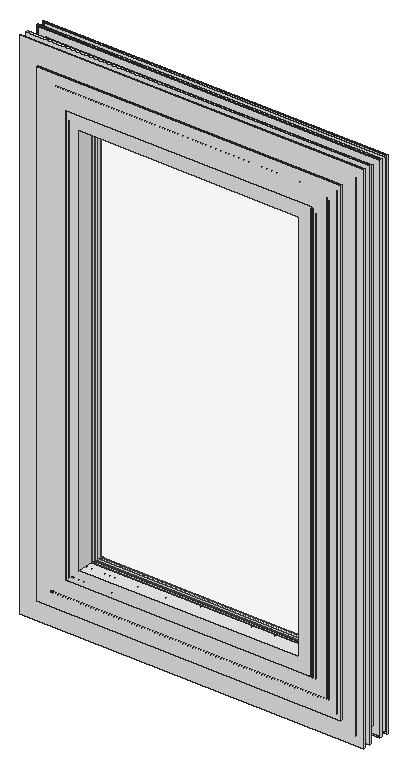
Revit family "Serene_T&T_Window_A_Custom", category Windows, host Wall, Revit 2014
Parameters (values of type "Serene_T&T_Window_A_Custom")
  Windload Design = if(Custom Windload < 1001 mm, 1000 mm, if(Custom Windload < 1501 mm, 1500 mm, 2000 mm))  # 1000 mm
  Width Sash [instance] = 522 mm
  Width = if(Custom Window Width > Limit Window Width Max, Limit Window Width Max, if(Custom Window Width < Limit Window Width Min, Limit Window Width Min, Custom Window Width))  # 590 mm
  Wall Thickness [instance] = 200 mm
  URL = "http://www.crealco.co.za/crealco-products.php"
  Thermal Resistance (R) [instance] = if(and(Custom U Value > 0.5678, 1 / Custom U Value < 36.9087), Custom U Value, if(not(Custom U Value > 0.5678), 1 / 0.5679, 1 / 36.9086)) * 1.0000 (m²·K)/W  # 1.76087 (m²·K)/W
  Solar Heat Gain Coefficient [instance] = if(and(not(Custom SHGC Value < 0), not(Custom SHGC Value > 1)), Custom SHGC Value, if(Custom U Value < 0, 0, 1))  # 0
  Sash Frame Gasket = 3.4 mm  # constant formula
  Sash Edge Gap = 34 mm  # constant formula
  Overall Width [instance] = 590 mm
  Overall Height [instance] = 890 mm
  Max System DG Unit Thickness = 20 mm  # constant formula
  Max System DG One Piece Thickness = rounddown((Max System DG Unit Thickness - 12 mm) / 2 mm) * 1 mm  # 4 mm
  Max Pane Area = (Sash Width - (2 mm * 50.2)) * (Sash Height - (2 mm * 50.2))  # 0.304227 m²
  Custom U Value = 0
  Custom SHGC Value = 0
  IGDB or SAGDB Number [instance] = 0
  Height Sash [instance] = 822 mm
  Height = if(Custom Window Height > Limit Window Height Max, Limit Window Height Max, if(Custom Window Height < Limit Window Height Min, Limit Window Height Min, Custom Window Height))  # 890 mm
  Heat Transfer Coefficient (U) [instance] = if(and(Custom U Value > 0.5678, Custom U Value < 36.9087), Custom U Value, if(not(Custom U Value > 0.5678), 0.5679, 36.9086)) * 1.0000 W/(m²·K)  # 0.5679 W/(m²·K)
  Glazing Material [instance] = if(IGDB or SAGDB Number = 1000015, "PFG CLEARVUE 4mm", if(IGDB or SAGDB Number = 9922, "PFG ENERGY ADVANTAGE 4mm LOW-E", if(IGDB or SAGDB Number = 100100, "PFG INTRUDERPRUFE 6.38mm", if(IGDB or SAGDB Number = 103200, "PFG INTRUDERPRUFE LOW-E 7.38mm", if(IGDB or SAGDB Number = 105001, "PFG 20mm CLEARVUE INSULATED GLASS", if(IGDB or SAGDB Number = 105002, "PFG 20mm CLEARVUE INSULATED GLASS LOW-E", "Unknown"))))))  # "Unknown"
  Glazing Code [instance] = if(IGDB or SAGDB Number = 1000015, "CF4", if(IGDB or SAGDB Number = 9922, "CF4E", if(IGDB or SAGDB Number = 100100, "LAM01", if(IGDB or SAGDB Number = 103200, "LAM01E", if(IGDB or SAGDB Number = 105001, "IGU20", if(IGDB or SAGDB Number = 105002, "IGU20E", "Unknown"))))))  # "Unknown"
  Frame Thickness = 52 mm  # constant formula
  Frame Offset From Exterior [instance] = if(Centered In Wall, (Wall Thickness - Frame Thickness) / 2, Custom Window Exterior Offset)  # 74 mm
  DG Thickness Calc = if(not(Max Pane Area > 1.125 m²), 4 mm, if(not(Max Pane Area > 2.25 m²), 4 mm, if(not(Max Pane Area > 3.15 m²), 5 mm, if(not(Max Pane Area > 4.35 m²), 6 mm, if(not(Max Pane Area > 6.45 m²), 8 mm, 10 mm)))))  # 4 mm
  DG Thickness [instance] = if(IGDB or SAGDB Number = 105001, 4 mm, if(IGDB or SAGDB Number = 105002, 4 mm, if(DG Thickness Calc > Max System DG One Piece Thickness, Max System DG One Piece Thickness, DG Thickness Calc)))  # 4 mm
  DG Gasket Thickness = 12 mm  # constant formula
  Custom Window Width = 590 mm
  Custom Window Height = 890 mm
  Custom Window Exterior Offset = 0 mm
  Custom Windload = 1000 mm
  Sash Width = Width - (2 * Sash Edge Gap)  # 522 mm
  Sash Height = Height - (2 * Sash Edge Gap)  # 822 mm
  Single Glazing [instance] = not(Double Glazing)  # yes
  SG Thickness [instance] = if(IGDB or SAGDB Number = 1000015, 4 mm, if(IGDB or SAGDB Number = 9922, 4 mm, if(IGDB or SAGDB Number = 100100, 6 mm, if(IGDB or SAGDB Number = 103200, 7 mm, if(not(Max Pane Area > 0.75 m²), 4 mm, if(not(Max Pane Area > 1.50 m²), 4 mm, if(not(Max Pane Area > 2.10 m²), 5 mm, if(not(Max Pane Area > 2.90 m²), 6.4 mm, if(not(Max Pane Area > 4.30 m²), 8 mm, 10 mm)))))))))  # 4 mm
  Model = "Serene"  # constant formula
  Manufacturer = "Crealco"  # constant formula
  Limit Window Width Min = Limit Sash Width Min + (2 * Sash Edge Gap)  # 368 mm
  Limit Window Width Max = Limit Sash Width Max + (2 * Sash Edge Gap)  # 768 mm
  Limit Window Height Min = Limit Sash Height Min + (2 * Sash Edge Gap)  # 368 mm
  Limit Window Height Max = Limit Sash Height Max + (2 * Sash Edge Gap)  # 1568 mm
  Limit Sash Width Min = 300 mm  # constant formula
  Limit Sash Width Max = 700 mm  # constant formula
  Limit Sash Height Min = 300 mm  # constant formula
  Limit Sash Height Max = 1500 mm  # constant formula
  Glazing Finish [instance] = Glass
  Double Glazing [instance] = no
  Description = "Tilt and turn window, Type A custom"  # constant formula
  Default Sill Height = 800 mm
  Wall Closure = By host
  DG Gasket Finish = Double Glazing Gasket Material
  Centered In Wall [instance] = yes
  Aluminium Finish [instance] = White Powder Coated Aluminium
  All Available Glazing Numbers [instance] = "The rows below list the available glazing materials for this window:"  # constant formula
  9922 [instance] = "CF4E"  # constant formula
  105002 [instance] = "IGU20E"  # constant formula
  105001 [instance] = "IGU20"  # constant formula
  103200 [instance] = "LAM01E"  # constant formula
  100100 [instance] = "LAM01"  # constant formula
  1000015 [instance] = "CF4"  # constant formula
Reference planes
  plane 1 "Center (Front/Back)": y = 0
  plane 2 "Center (Left/Right)": x = 0
  plane 3 "Left": x = -295
  plane 4 "Right": x = 295
  plane 5 "Sill": z = 800
  plane 6 "Head": z = 1690
  plane 7 "Exterior": y = 100
  plane 8 "Interior": y = -100
  plane 9: y = 0
Lines and regions (mm)
  Opening 1
    outline origin (3500, -100, 0) x (1, 0, 0) y (0, 0, 1)
      loop
        line (-3205, 800) -> (-3205, 1690) -> (-3795, 1690) -> (-3795, 800) -> (-3205, 800)
Text (mm)
  text "EXTERIOR" at (-1963.203, 1332.353, 0), in view "Ref. Level"
  text "INTERIOR" at (-1981.466, -818.386, 0), in view "Ref. Level"
  text "Exterior" at (0, 923.751, 2943.296), in view "Right"
  text "Exterior" at (0, 1040.484, 2685.409), in view "Left"
Dimensions and locks
  equal spacing: plane 3 "Left", plane 2 "Center (Left/Right)", plane 4 "Right"
  "Width": plane 3 "Left" to plane 4 "Right"
  "Height": plane 5 "Sill" to plane 6 "Head"
  "Default Sill Height": plane 5 "Sill" to level
  locked: plane 7 "Exterior" to host wall at 0
  locked: plane 8 "Interior" to host wall
  "Overall Width": plane 3 "Left" to plane 4 "Right"
  "Overall Height": plane 5 "Sill" to plane 6 "Head"
  "Wall Thickness": host wall to host wall
  "Frame Offset From Exterior": host wall to nested 1
  "Sash Edge Gap": plane 3 "Left" to nested 2
  "Sash Edge Gap": plane 6 "Head" to nested 2
  "Sash Frame Gasket": nested 2 to nested 1
  "Width Sash": nested 2 to nested 2
  "Height Sash": nested 2 to nested 2
  aligned and locked: plane 9 to host wall
  aligned and locked: nested 1 to plane 6 "Head"
  aligned and locked: nested 1 to plane 4 "Right"
Automatic sketch dimensions
  Opening 1 sketch curve to plane 3 "Left" = 0 mm
  Opening 1 sketch curve to plane 4 "Right" = 0 mm
  Opening 1 sketch curve to plane 5 "Sill" = 0 mm
  Opening 1 sketch curve to plane 6 "Head" = 0 mm
Nested families
  nested 1: "Serene_Frame_Rounded_Ext_52mm_A_Cust" at (-295, -26, 800), Profile Material <- "Aluminium Finish", Frame Width <- "Width", Frame Height <- "Height", type "Serene_Frame_Rounded_Ext_52mm_A_Cust"
    with Profile Material White Powder Coated Aluminium, Frame Width 590 mm, Frame Height 890 mm
  nested 2: "Serene_Sash_Open_In_72mm_A_Cust" at (261, -32.8, 834) x (-1, 0, 0) z (0, 0, 1), Profile Material <- "Aluminium Finish", Glazing Material <- "Glazing Finish", Double Glazing Gasket Material <- "DG Gasket Finish", Height Sash <- "Sash Height", Width Sash <- "Sash Width", Double Glazing <- "Double Glazing", Single Glazing <- "Single Glazing", SG Glazing Thickness <- "SG Thickness", DG Glazing Thickness <- "DG Thickness", DG Gasket Thickness <- "DG Gasket Thickness", type "Serene_Sash_Open_In_72mm_A_Cust"
    with Width Sash 522 mm, Width Bead 422 mm, Tilt yes, Single Glazing yes, SG Offset 32.25 mm, SG Glazing Thickness 4 mm, Right Hinged yes, Profile Material White Powder Coated Aluminium, Left Hinged no, Height Sash 822 mm, Height Bead 722 mm, Glazing Width 421.6 mm, Glazing Material Glass, Glazing Height 721.6 mm, Double Glazing Gasket Material Double Glazing Gasket Material, Double Glazing no, DG Offset 18.75 mm, DG Glazing Thickness 4 mm, DG Gasket Thickness 12 mm
  nested 3: "Serene_Single_Glazing_Tilt_&_Turn_A_Cust" at (210.8, 3.45, 884.2), type "Serene_Single_Glazing_Tilt_&_Turn_A_Cust"
    with Tilt yes, Right Hinged yes, Left Hinged no, Half Width 210.8 mm, Half Height 360.8 mm, Glazing Width 421.6 mm, Glazing Thickness SG 4 mm, Glazing Material Glass, Glazing Height 721.6 mm
Definition of nested family "Serene_Frame_Rounded_Ext_52mm_A_Cust"
  Parameters (values of type "Serene_Frame_Rounded_Ext_52mm")
    Profile Material [instance] = none
    Frame Width [instance] = 600 mm
    Frame Height [instance] = 900 mm
  Reference planes
    plane 1 "Center (Front/Back)": y = 0
    plane 2: z = 0
    plane 3 "Center (Left/Right)": x = 0
  Forms (mm)
    Sweep 1, solid, material <- "Profile Material"
      path origin (0, 0, 0) x (1, 0, 0) y (0, 0, 1)
        loop
          line (0, 0) -> (600, 0) -> (600, 900) -> (0, 900) -> (0, 0)
      profile origin (300, 0, 0) x (0, 0, 1) y (0, -1, 0)
        loop
          line (32.05, -9) -> (32.05, -8) -> (33.7, -8) -> (33.7, -1.3) -> (15.1, -1.3) -> (15.1, -8) -> (16.75, -8) -> (16.75, -9) -> (15.1, -9) -> (15.1, -42.5) -> (16.75, -42.5) -> (16.75, -43.5) -> (15.1, -43.5) -> (15.1, -50.7) -> (33.7, -50.7) -> (33.7, -43.5) -> (32.05, -43.5) -> (32.05, -42.5) -> (33.7, -42.5) -> (33.7, -9) -> (32.05, -9)
        loop
          arc (52.4, -49.7) -> (52.107, -48.993) -> (51.4, -48.7) r 1
          line (51.4, -48.7) -> (50.4, -48.7)
          arc (50.4, -48.7) -> (49.9, -49.2) -> (50.4, -49.7) r 0.5
          line (50.4, -49.7) -> (51.2, -49.7) -> (51.2, -50.7) -> (35, -50.7) -> (35, -49.7) -> (36, -49.7)
          arc (36, -49.7) -> (36.5, -49.2) -> (36, -48.7) r 0.5
          line (36, -48.7) -> (35, -48.7) -> (35, -35.9) -> (40, -35.9) -> (40, -32.956) -> (38.5, -31.79) -> (38.5, -34.6) -> (35, -34.6) -> (35, -21.1) -> (38.5, -21.1) -> (38.5, -26.41) -> (40, -25.244) -> (40, -18.807) -> (38, -17.818) -> (38, -19.5) -> (35, -19.5) -> (35, -1.5) -> (38, -1.5) -> (38, -4.182) -> (40, -3.193) -> (40, 0) -> (0, 0) -> (0, -2.7) -> (1.3, -2.7) -> (1.3, -1.5) -> (13.8, -1.5) -> (13.8, -13.05) -> (0, -13.05) -> (0, -16.05) -> (1.3, -16.05) -> (1.3, -14.35) -> (13.8, -14.35) -> (13.8, -37.65) -> (1.3, -37.65) -> (1.3, -35.95) -> (0, -35.95) -> (0, -38.95) -> (13.8, -38.95) -> (13.8, -50.5) -> (1.3, -50.5) -> (1.3, -49.3) -> (0, -49.3) -> (0, -52) -> (58, -52)
          arc (58, -52) -> (60.828, -50.828) -> (62, -48) r 4
          line (62, -48) -> (62, -40.5) -> (59.5, -40.5) -> (59.5, -41.7) -> (60.7, -41.7) -> (60.7, -43.7) -> (55.5, -43.7) -> (55.5, -41.7) -> (56.7, -41.7) -> (56.7, -40.5) -> (54.2, -40.5) -> (54.2, -44)
          arc (54.2, -44) -> (54.493, -44.707) -> (55.2, -45) r 1
          line (55.2, -45) -> (60.7, -45) -> (60.7, -48)
          arc (60.7, -48) -> (59.909, -49.909) -> (58, -50.7) r 2.7
          line (58, -50.7) -> (52.4, -50.7) -> (52.4, -49.7)
  Lines and regions (mm)
    model lines, style "GenericModel"
      curve 1: line (600, 52, 900) -> (541.992, 52, 841.992)
      curve 2: line (0, 52, 900) -> (58.006, 52, 841.994)
      curve 3: line (0, 52, 0) -> (58.008, 52, 58.008)
      curve 4: line (600, 52, 0) -> (541.992, 52, 58.008)
      curve 5: line (0, 0, 900) -> (40, 0, 860)
      curve 6: line (600, 0, 900) -> (560, 0, 860)
      curve 7: line (600, 0, 0) -> (560, 0, 40)
      curve 8: line (0, 0, 0) -> (40, 0, 40)
  Dimensions and locks
    "Frame Width": Sweep 1 sketch curve to Sweep 1 sketch curve
    "Frame Height": Sweep 1 sketch curve to Sweep 1 sketch curve
    aligned and locked: level to plane 2
  Automatic sketch dimensions
    Sweep 1 sketch curve to Sweep 1 sketch curve = 0 mm  (x9)
    Sweep 1 sketch curve to profile plane = 0 mm  (x4)
    Sweep 1 sketch curve to Sweep 1 sketch curve = 1.3 mm  (x13)
    Sweep 1 sketch curve to Sweep 1 sketch curve = 12.5 mm  (x2)
    Sweep 1 sketch curve to Sweep 1 sketch curve = 1.65 mm  (x4)
    Sweep 1 sketch curve to Sweep 1 sketch curve = 15.3 mm  (x2)
    Sweep 1 sketch curve to Sweep 1 sketch curve = 1 mm  (x10)
    Sweep 1 sketch curve to Sweep 1 sketch curve = 3 mm  (x3)
    Sweep 1 sketch curve to Sweep 1 sketch curve = 0.5 mm  (x2)
    Sweep 1 sketch curve to Sweep 1 sketch curve = 3.5 mm
    Sweep 1 sketch curve to Sweep 1 sketch curve = 2 mm  (x3)
    Sweep 1 sketch curve to Sweep 1 sketch curve = 1.5 mm  (x3)
    Sweep 1 sketch curve to Sweep 1 sketch curve = 14.4 mm
    Sweep 1 sketch curve to Sweep 1 sketch curve = 0.8 mm
    Sweep 1 sketch curve to Sweep 1 sketch curve = 0.2 mm  (x3)
    Sweep 1 sketch curve to Sweep 1 sketch curve = 2.8 mm  (x3)
    Sweep 1 sketch curve to Sweep 1 sketch curve = 0.3 mm
    Sweep 1 sketch curve to Sweep 1 sketch curve = 1.2 mm  (x6)
    Sweep 1 sketch curve to plane 1 "Center (Front/Back)" = 52 mm
    Sweep 1 sketch curve to Sweep 1 sketch curve = 5.2 mm
    Sweep 1 sketch curve to Sweep 1 sketch curve = 7 mm
    Sweep 1 sketch curve to Sweep 1 sketch curve = 10.35 mm  (x2)
    Sweep 1 sketch curve to Sweep 1 sketch curve = 1.7 mm  (x2)
    Sweep 1 sketch curve to Sweep 1 sketch curve = 6.6 mm
    Sweep 1 sketch curve to Sweep 1 sketch curve = 1.644 mm
    Sweep 1 sketch curve to Sweep 1 sketch curve = 1.167 mm  (x2)
    Sweep 1 sketch curve to Sweep 1 sketch curve = 5.379 mm
    Sweep 1 sketch curve to Sweep 1 sketch curve = 4.144 mm
    Sweep 1 sketch curve to Sweep 1 sketch curve = 1.6 mm
    Sweep 1 sketch curve to Sweep 1 sketch curve = 0.693 mm
    Sweep 1 sketch curve to Sweep 1 sketch curve = 1.682 mm
    Sweep 1 sketch curve to Sweep 1 sketch curve = 19.9 mm
    Sweep 1 sketch curve to Sweep 1 sketch curve = 8.818 mm
    Sweep 1 sketch curve to Sweep 1 sketch curve = 4.05 mm
    Sweep 1 sketch curve to Sweep 1 sketch curve = 3.818 mm
    Sweep 1 sketch curve to Sweep 1 sketch curve = 0.99 mm
    Sweep 1 sketch curve to Sweep 1 sketch curve = 6.5 mm
    Sweep 1 sketch curve to Sweep 1 sketch curve = 1.693 mm
    curve 1 to Sweep 1 = 0 mm
    Sweep 1 to curve 1 = 0 mm
    curve 2 to Sweep 1 = 0 mm  (x2)
    curve 3 to Sweep 1 = 0 mm  (x2)
    curve 4 to Sweep 1 = 0 mm  (x2)
    curve 2 to Sweep 1 = 0.006 mm  (x2)
    curve 3 to Sweep 1 = 0.008 mm  (x2)
    curve 1 to Sweep 1 = 0.008 mm  (x2)
    curve 4 to Sweep 1 = 0.008 mm  (x2)
    curve 5 to Sweep 1 = 0 mm  (x4)
    curve 6 to Sweep 1 = 0 mm  (x4)
    curve 7 to Sweep 1 = 0 mm  (x3)
    Sweep 1 to curve 7 = 0 mm
    curve 8 to Sweep 1 = 0 mm  (x3)
    Sweep 1 to curve 8 = 0 mm
    Sweep 1 sketch curve to plane 3 "Center (Left/Right)" = 0 mm
    Sweep 1 sketch curve to level = 0 mm
Definition of nested family "Serene_Sash_Open_In_72mm_A_Cust"
  Parameters (values of type "Serene_Sash_Open_In_72mm")
    Width Sash [instance] = 600 mm
    Width Bead [instance] = Width Sash - (Bead Edge Offset * 2)  # 500 mm
    Tilt [instance] = yes
    Single Glazing [instance] = yes
    SG Offset [instance] = Rear Glazing Channel Offset - SG Available Space + ((SG Available Space - SG Glazing Thickness) / 2)  # 32.25 mm
    SG Glazing Thickness [instance] = 4 mm
    SG Available Space = 13.5 mm  # constant formula
    Right Hinged [instance] = yes
    Rear Glazing Channel Offset = 41 mm  # constant formula
    Profile Material [instance] = none
    Left Hinged [instance] = yes
    Height Sash [instance] = 900 mm
    Height Bead [instance] = Height Sash - (Bead Edge Offset * 2)  # 800 mm
    Glazing Width [instance] = Width Sash - (Glazing Edge Offset * 2)  # 499.6 mm
    Glazing Material [instance] = Glass
    Glazing Height [instance] = Height Sash - (Glazing Edge Offset * 2)  # 799.6 mm
    Glazing Edge Offset = 50.2 mm  # constant formula
    Double Glazing Gasket Material [instance] = none
    Double Glazing [instance] = yes
    DG Offset [instance] = Rear Glazing Channel Offset - DG Available Space + ((DG Available Space - DG Gasket Thickness - (2 * DG Glazing Thickness)) / 2)  # 18.75 mm
    DG Glazing Thickness [instance] = 4 mm
    DG Gasket Thickness [instance] = 12 mm
    DG Available Space = 24.5 mm  # constant formula
    Bead Edge Offset = 50 mm  # constant formula
  Reference planes
    plane 1 "Center (Front/Back)": y = 0
    plane 2: z = 0
    plane 3 "Center (Left/Right)": x = 0
  Forms (mm)
    Sweep 1, solid, material <- "Profile Material"
      path origin (0, 0, 0) x (1, 0, 0) y (0, 0, 1)
        loop
          line (0, 0) -> (600, 0) -> (600, 900) -> (0, 900) -> (0, 0)
      profile origin (300, 0, 0) x (0, 0, 1) y (0, -1, 0)
        loop
          line (21.76, 25.1) -> (23.96, 25.1) -> (23.96, 10.1) -> (21.76, 10.1) -> (21.76, 7.4) -> (18.76, 7.4) -> (18.76, 10.524) -> (17.46, 9.224) -> (17.46, 7.1)
          arc (17.46, 7.1) -> (17.753, 6.393) -> (18.46, 6.1) r 1
          line (18.46, 6.1) -> (23.96, 6.1) -> (23.96, 3.4) -> (22.8, 3.4)
          arc (22.8, 3.4) -> (22.3, 2.9) -> (22.8, 2.4) r 0.5
          line (22.8, 2.4) -> (23.96, 2.4) -> (23.96, 1.3) -> (7.7, 1.3) -> (7.7, 2.4) -> (8.5, 2.4) -> (8.5, 3.4) -> (5.3, 3.4) -> (5.3, 2.4) -> (6.6, 2.4) -> (6.6, 1.1) -> (1.2, 1.1) -> (1.2, 2.4) -> (2.5, 2.4) -> (2.5, 3.4) -> (0, 3.4) -> (0, 0) -> (49.96, 0) -> (49.96, 3.18) -> (48.16, 4.22) -> (48.16, 1.5) -> (45.16, 1.5) -> (45.16, 20.1) -> (48.16, 20.1) -> (48.16, 17.88) -> (49.96, 18.92) -> (49.96, 21.6) -> (45.16, 21.6) -> (45.16, 40) -> (37.96, 47) -> (37.96, 50.7) -> (43.96, 50.7) -> (43.96, 49.3)
          arc (43.96, 49.3) -> (44.253, 48.593) -> (44.96, 48.3) r 1
          line (44.96, 48.3) -> (46.21, 48.3)
          arc (46.21, 48.3) -> (46.71, 48.8) -> (46.21, 49.3) r 0.5
          line (46.21, 49.3) -> (44.96, 49.3) -> (44.96, 50.7) -> (61.46, 50.7) -> (61.46, 49.3) -> (60.21, 49.3)
          arc (60.21, 49.3) -> (59.71, 48.8) -> (60.21, 48.3) r 0.5
          line (60.21, 48.3) -> (61.46, 48.3)
          arc (61.46, 48.3) -> (62.167, 48.593) -> (62.46, 49.3) r 1
          line (62.46, 49.3) -> (62.46, 50.7) -> (66.96, 50.7)
          arc (66.96, 50.7) -> (69.576, 49.616) -> (70.66, 47) r 3.7
          line (70.66, 47) -> (70.66, 45.5) -> (64.16, 45.5) -> (64.16, 41) -> (66.66, 41) -> (66.66, 42.2) -> (65.46, 42.2) -> (65.46, 44.2) -> (70.66, 44.2) -> (70.66, 42.2) -> (69.46, 42.2) -> (69.46, 41) -> (71.96, 41) -> (71.96, 47)
          arc (71.96, 47) -> (70.496, 50.536) -> (66.96, 52) r 5
          line (66.96, 52) -> (33.006, 52) -> (33.006, 50.7) -> (34.46, 50.7) -> (36.66, 50.7) -> (36.66, 47.3) -> (26.46, 47.3) -> (23.536, 47.3) -> (24.836, 46) -> (26.96, 46) -> (26.96, 35.2) -> (23.935, 35.2) -> (18.293, 34.246)
          arc (18.293, 34.246) -> (17.696, 33.906) -> (17.46, 33.26) r 1
          line (17.46, 33.26) -> (17.46, 25.976) -> (18.76, 24.676) -> (18.76, 27.3) -> (21.76, 27.3) -> (21.76, 25.1)
        loop
          line (43.86, 33.9) -> (42.16, 33.9) -> (42.16, 35.2) -> (43.86, 35.2) -> (43.86, 39.451) -> (37.124, 46) -> (28.26, 46) -> (28.26, 34.9)
          arc (28.26, 34.9) -> (27.967, 34.193) -> (27.26, 33.9) r 1
          line (27.26, 33.9) -> (24.094, 33.9) -> (18.76, 33.007) -> (18.76, 28.6) -> (22.06, 28.6)
          arc (22.06, 28.6) -> (22.767, 28.307) -> (23.06, 27.6) r 1
          line (23.06, 27.6) -> (23.06, 26.4) -> (24.26, 26.4)
          arc (24.26, 26.4) -> (24.967, 26.107) -> (25.26, 25.4) r 1
          line (25.26, 25.4) -> (25.26, 24.337) -> (25.26, 9.8)
          arc (25.26, 9.8) -> (24.967, 9.093) -> (24.26, 8.8) r 1
          line (24.26, 8.8) -> (23.06, 8.8) -> (23.06, 7.4) -> (24.26, 7.4)
          arc (24.26, 7.4) -> (24.967, 7.107) -> (25.26, 6.4) r 1
          line (25.26, 6.4) -> (25.26, 1.3) -> (43.86, 1.3) -> (43.86, 33.9)
  Lines and regions (mm)
    model lines, style "GenericModel"
      curve 1: line (600, 0, 900) -> (550.04, 0, 850.04)
      curve 2: line (0, 0, 900) -> (49.96, 0, 850.04)
      curve 3: line (0, 0, 0) -> (49.96, 0, 49.96)
      curve 4: line (600, 0, 0) -> (550.04, 0, 49.96)
      curve 5: line (33.953, -50.7, 866.047) -> (66.968, -50.7, 833.032)
      curve 6: line (566.047, -50.7, 866.047) -> (533, -50.7, 833)
      curve 7: line (566.047, -50.7, 33.953) -> (533.032, -50.7, 66.968)
      curve 8: line (33.953, -50.7, 33.953) -> (66.968, -50.7, 66.968)
      curve 9: line (33.006, -52, 866.994) -> (66.968, -52, 833.032)
      curve 10: line (566.994, -52, 866.994) -> (533, -52, 833)
      curve 11: line (33.006, -52, 33.006) -> (66.968, -52, 66.968)
      curve 12: line (566.994, -52, 33.006) -> (533.032, -52, 66.968)
      curve 13: line (23.536, -47.3, 876.464) -> (33.006, -47.3, 866.994)
      curve 14: line (576.464, -47.3, 876.464) -> (566.994, -47.3, 866.994)
      curve 15: line (576.464, -47.3, 23.536) -> (566.994, -47.3, 33.006)
      curve 16: line (23.536, -47.3, 23.536) -> (33.006, -47.3, 33.006)
  Dimensions and locks
    "Width Sash": Sweep 1 sketch curve to Sweep 1 sketch curve
    "Height Sash": Sweep 1 sketch curve to Sweep 1 sketch curve
    "Bead Edge Offset": nested 1 to plane 2
    "Bead Edge Offset": nested 2 to plane 2
    "Bead Edge Offset": plane 3 "Center (Left/Right)" to nested 1
    "Bead Edge Offset": plane 3 "Center (Left/Right)" to nested 2
    "Glazing Edge Offset": plane 3 "Center (Left/Right)" to nested 3
    "Glazing Edge Offset": nested 3 to plane 2
    "SG Offset": nested 3 to plane 1 "Center (Front/Back)"
    "DG Offset": nested 4 to plane 1 "Center (Front/Back)"
    "Glazing Edge Offset": plane 3 "Center (Left/Right)" to nested 4
    "Glazing Edge Offset": nested 4 to level
    aligned and locked: level to plane 2
    aligned and locked: nested 1 to plane 1 "Center (Front/Back)"
    aligned and locked: nested 2 to plane 1 "Center (Front/Back)"
  Automatic sketch dimensions
    curve 1 to Sweep 1 = 0 mm  (x3)
    Sweep 1 to curve 1 = 0 mm
    curve 2 to Sweep 1 = 0 mm  (x3)
    Sweep 1 to curve 2 = 0 mm
    curve 3 to Sweep 1 = 0 mm  (x4)
    curve 4 to Sweep 1 = 0 mm  (x4)
    curve 8 to Sweep 1 = 30.308 mm  (x2)
    curve 5 to Sweep 1 = 30.308 mm  (x2)
    curve 6 to Sweep 1 = 30.34 mm  (x2)
    curve 7 to Sweep 1 = 30.308 mm  (x2)
    Sweep 1 sketch curve to Sweep 1 sketch curve = 0 mm  (x12)
    Sweep 1 sketch curve to plane 1 "Center (Front/Back)" = 0 mm
    profile plane to Sweep 1 sketch curve = 0 mm
    Sweep 1 sketch curve to profile plane = 1.2 mm
    Sweep 1 sketch curve to Sweep 1 sketch curve = 1.3 mm  (x21)
    Sweep 1 sketch curve to Sweep 1 sketch curve = 2.8 mm  (x2)
    Sweep 1 sketch curve to Sweep 1 sketch curve = 1.1 mm  (x2)
    Sweep 1 sketch curve to Sweep 1 sketch curve = 0.8 mm
    Sweep 1 sketch curve to profile plane = 17.46 mm
    Sweep 1 sketch curve to Sweep 1 sketch curve = 8.96 mm
    Sweep 1 sketch curve to Sweep 1 sketch curve = 0.833 mm
    Sweep 1 sketch curve to Sweep 1 sketch curve = 0.167 mm
    Sweep 1 sketch curve to Sweep 1 sketch curve = 1 mm  (x10)
    Sweep 1 sketch curve to Sweep 1 sketch curve = 3 mm  (x4)
    Sweep 1 sketch curve to Sweep 1 sketch curve = 0.3 mm  (x6)
    plane 1 "Center (Front/Back)" to Sweep 1 sketch curve = 3.4 mm
    Sweep 1 sketch curve to Sweep 1 sketch curve = 1.04 mm
    Sweep 1 sketch curve to Sweep 1 sketch curve = 5.242 mm
    Sweep 1 sketch curve to Sweep 1 sketch curve = 5.175 mm
    Sweep 1 sketch curve to Sweep 1 sketch curve = 0.9 mm
    Sweep 1 sketch curve to Sweep 1 sketch curve = 1.16 mm
    Sweep 1 sketch curve to Sweep 1 sketch curve = 0.158 mm
    Sweep 1 sketch curve to Sweep 1 sketch curve = 1.2 mm  (x6)
    Sweep 1 sketch curve to Sweep 1 sketch curve = 1.624 mm
    Sweep 1 sketch curve to Sweep 1 sketch curve = 0.5 mm  (x3)
    Sweep 1 sketch curve to Sweep 1 sketch curve = 4.746 mm
    Sweep 1 sketch curve to Sweep 1 sketch curve = 1.454 mm
    Sweep 1 sketch curve to Sweep 1 sketch curve = 2.2 mm
    Sweep 1 sketch curve to Sweep 1 sketch curve = 0.464 mm
    Sweep 1 sketch curve to Sweep 1 sketch curve = 0.836 mm
    Sweep 1 sketch curve to Sweep 1 sketch curve = 5.036 mm
    plane 1 "Center (Front/Back)" to Sweep 1 sketch curve = 1.3 mm
    Sweep 1 sketch curve to Sweep 1 sketch curve = 18.6 mm
    Sweep 1 sketch curve to Sweep 1 sketch curve = 1.7 mm
    Sweep 1 sketch curve to Sweep 1 sketch curve = 6 mm
    Sweep 1 sketch curve to Sweep 1 sketch curve = 1.25 mm  (x2)
    plane 1 "Center (Front/Back)" to Sweep 1 sketch curve = 17.88 mm
    plane 1 "Center (Front/Back)" to Sweep 1 sketch curve = 18.92 mm
    Sweep 1 sketch curve to Sweep 1 sketch curve = 1.8 mm  (x2)
    Sweep 1 sketch curve to Sweep 1 sketch curve = 14 mm
    Sweep 1 sketch curve to Sweep 1 sketch curve = 2.7 mm  (x2)
    Sweep 1 sketch curve to Sweep 1 sketch curve = 1.5 mm  (x3)
    plane 1 "Center (Front/Back)" to Sweep 1 sketch curve = 1.1 mm
    plane 1 "Center (Front/Back)" to Sweep 1 sketch curve = 1.5 mm
    Sweep 1 sketch curve to Sweep 1 sketch curve = 1.68 mm
    Sweep 1 sketch curve to Sweep 1 sketch curve = 1.039 mm
    Sweep 1 sketch curve to Sweep 1 sketch curve = 1.4 mm  (x2)
    Sweep 1 sketch curve to Sweep 1 sketch curve = 2.124 mm
    Sweep 1 sketch curve to Sweep 1 sketch curve = 2.22 mm
    Sweep 1 sketch curve to Sweep 1 sketch curve = 14.237 mm
    Sweep 1 sketch curve to Sweep 1 sketch curve = 0.339 mm
    Sweep 1 sketch curve to Sweep 1 sketch curve = 0.763 mm
    Sweep 1 sketch curve to Sweep 1 sketch curve = 1.063 mm
    Sweep 1 sketch curve to Sweep 1 sketch curve = 1.324 mm
    Sweep 1 sketch curve to Sweep 1 sketch curve = 4.407 mm
    Sweep 1 sketch curve to Sweep 1 sketch curve = 0.254 mm
    Sweep 1 sketch curve to Sweep 1 sketch curve = 5.3 mm
    Sweep 1 sketch curve to Sweep 1 sketch curve = 12.3 mm
    Sweep 1 sketch curve to Sweep 1 sketch curve = 4.251 mm
    Sweep 1 sketch curve to Sweep 1 sketch curve = 0.549 mm
    Sweep 1 sketch curve to Sweep 1 sketch curve = 2 mm
    Sweep 1 sketch curve to Sweep 1 sketch curve = 10.8 mm
    Sweep 1 sketch curve to Sweep 1 sketch curve = 2.4 mm
    Sweep 1 sketch curve to Sweep 1 sketch curve = 3.4 mm
    curve 5 to Sweep 1 = 0.947 mm  (x2)
    curve 8 to Sweep 1 = 0.947 mm  (x2)
    curve 7 to Sweep 1 = 0.947 mm  (x2)
    curve 6 to Sweep 1 = 0.947 mm  (x2)
    curve 9 to Sweep 1 = 0 mm  (x2)
    curve 10 to Sweep 1 = 0 mm  (x2)
    Sweep 1 to curve 11 = 0 mm
    curve 11 to Sweep 1 = 0 mm
    curve 12 to Sweep 1 = 0 mm  (x2)
    curve 11 to Sweep 1 = 0.008 mm
    curve 9 to Sweep 1 = 0.008 mm  (x2)
    curve 10 to Sweep 1 = 0.04 mm  (x2)
    curve 12 to Sweep 1 = 0.008 mm
    Sweep 1 to curve 12 = 0.008 mm
    Sweep 1 to curve 11 = 0.008 mm
    curve 13 to Sweep 1 = 0 mm  (x2)
    curve 14 to Sweep 1 = 0 mm  (x2)
    curve 15 to Sweep 1 = 0 mm
    Sweep 1 to curve 15 = 0 mm
    curve 16 to Sweep 1 = 0 mm  (x2)
    Sweep 1 to curve 16 = 3.654 mm
    Sweep 1 to curve 13 = 3.654 mm  (x2)
    Sweep 1 to curve 15 = 3.654 mm
    Sweep 1 to curve 14 = 3.654 mm  (x2)
    curve 15 to Sweep 1 = 3.654 mm
    curve 16 to Sweep 1 = 3.654 mm
    Sweep 1 sketch curve to plane 3 "Center (Left/Right)" = 0 mm
    Sweep 1 sketch curve to level = 0 mm
  Nested families
    nested 1: "Serene_Bead_Square_12mm" at (550, 0, 50) x (-1, 0, 0) z (0, 0, 1), visible <- "Single Glazing", Profile Material <- "Profile Material", Width Bead <- "Width Bead", Height Bead <- "Height Bead", type "Serene_Bead_Square_12mm"
      with Width Bead 500 mm, Profile Material none, Height Bead 800 mm
    nested 2: "Serene_Bead_D_Glazing_Square" at (550, 0, 50) x (-1, 0, 0) z (0, 0, 1), Profile Material <- "Profile Material", visible <- "Double Glazing", Width Bead <- "Width Bead", Height Bead <- "Height Bead", type "Serene_Bead_D_Glazing_Square"
      with Width Bead 500 mm, Profile Material none, Height Bead 800 mm
    nested 3: "Serene_Single_Glazing_Tilt_&_Turn_A_Cust" at (50.2, -36.25, 50.2) x (-1, 0, 0) z (0, 0, 1), Glazing Width <- "Glazing Width", Glazing Height <- "Glazing Height", visible <- "Single Glazing", Glazing Material <- "Glazing Material", Glazing Thickness SG <- "SG Glazing Thickness", Tilt <- "Tilt", Right Hinged <- "Right Hinged", Left Hinged <- "Left Hinged", type "Serene_Single_Glazing_Tilt_&_Turn_A_Cust"
      with Tilt yes, Right Hinged yes, Left Hinged yes, Half Width 249.8 mm, Half Height 399.8 mm, Glazing Width 499.6 mm, Glazing Thickness SG 4 mm, Glazing Material Glass, Glazing Height 799.6 mm
    nested 4: "Serene_Double_Glazing_Tilt_&_Turn_A_Cust" at (50.2, -38.75, 50.2) x (-1, 0, 0) z (0, 0, 1), Glazing Width <- "Glazing Width", Glazing Height <- "Glazing Height", Glazing Thickness DG <- "DG Glazing Thickness", Double Glazing Gasket Thickness <- "DG Gasket Thickness", Double Glazing Gasket Material <- "Double Glazing Gasket Material", Glazing Material <- "Glazing Material", visible <- "Double Glazing", Tilt <- "Tilt", Left Hinged <- "Left Hinged", Right Hinged <- "Right Hinged", type "Serene_Double_Glazing_Tilt_&_Turn_A_Cust"
      with Tilt yes, Right Hinged yes, Left Hinged yes, Half Width 249.8 mm, Half Height 399.8 mm, Glazing Width 499.6 mm, Glazing Thickness DG 4 mm, Glazing Material Glass, Glazing Height 799.6 mm, Double Glazing Gasket Thickness 12 mm, Double Glazing Gasket Material none
  Definition of nested family "Serene_Bead_Square_12mm"
    Parameters (values of type "Serene_Bead_Square_12mm")
      Profile Material [instance] = none
      Width Bead [instance] = 600 mm
      Height Bead [instance] = 900 mm
    Reference planes
      plane 1 "Center (Front/Back)": y = 0
      plane 2: z = 0
      plane 3 "Center (Left/Right)": x = 0
    Forms (mm)
      Sweep 1, solid, material <- "Profile Material"
        path origin (0, 0, 0) x (1, 0, 0) y (0, 0, 1)
          loop
            line (0, 0) -> (600, 0) -> (600, 900) -> (0, 900) -> (0, 0)
        profile origin (300, 0, 0) x (0, 0, 1) y (0, -1, 0)
          loop
            line (20.8, -26.3) -> (19.6, -26.3) -> (19.6, -27.5) -> (22, -27.5) -> (22, 0) -> (0, 0) -> (0, -1.2) -> (1.2, -1.2) -> (1.2, -4.2) -> (-1.876, -4.2) -> (-1.876, -3.293) -> (-3.909, -4.467)
            arc (-3.909, -4.467) -> (-4.142, -5.029) -> (-3.659, -5.4) r 0.5
            line (-3.659, -5.4) -> (1.4, -5.4)
            arc (1.4, -5.4) -> (2.107, -5.107) -> (2.4, -4.4) r 1
            line (2.4, -4.4) -> (2.4, -1.2) -> (20.8, -1.2) -> (20.8, -16.2) -> (-3.659, -16.2)
            arc (-3.659, -16.2) -> (-4.142, -16.571) -> (-3.909, -17.133) r 0.5
            line (-3.909, -17.133) -> (-1.876, -18.307) -> (-1.876, -17.4) -> (20.8, -17.4) -> (20.8, -23.4) -> (14.6, -23.4) -> (14.6, -27.5) -> (17, -27.5) -> (17, -26.3) -> (15.8, -26.3) -> (15.8, -24.6) -> (20.8, -24.6) -> (20.8, -26.3)
    Lines and regions (mm)
      model lines, style "GenericModel"
        curve 1: line (22, 0, 878) -> (0, 0, 900)
        curve 2: line (578, 0, 878) -> (600, 0, 900)
        curve 3: line (578, 0, 22) -> (600, 0, 0)
        curve 4: line (22, 0, 22) -> (0, 0, 0)
    Dimensions and locks
      "Width Bead": Sweep 1 sketch curve to Sweep 1 sketch curve
      "Height Bead": Sweep 1 sketch curve to Sweep 1 sketch curve
      aligned and locked: level to plane 2
    Automatic sketch dimensions
      profile plane to Sweep 1 sketch curve = 3.909 mm
      Sweep 1 sketch curve to Sweep 1 sketch curve = 0 mm  (x4)
      Sweep 1 sketch curve to Sweep 1 sketch curve = 0.25 mm  (x2)
      Sweep 1 sketch curve to Sweep 1 sketch curve = 1.783 mm  (x2)
      Sweep 1 sketch curve to Sweep 1 sketch curve = 1.876 mm
      Sweep 1 sketch curve to Sweep 1 sketch curve = 3.076 mm
      Sweep 1 sketch curve to Sweep 1 sketch curve = 0.2 mm  (x2)
      Sweep 1 sketch curve to Sweep 1 sketch curve = 1.2 mm  (x9)
      Sweep 1 sketch curve to Sweep 1 sketch curve = 16.476 mm
      Sweep 1 sketch curve to Sweep 1 sketch curve = 2.6 mm
      Sweep 1 sketch curve to plane 1 "Center (Front/Back)" = 27.5 mm
      Sweep 1 sketch curve to Sweep 1 sketch curve = 1.7 mm
      Sweep 1 sketch curve to Sweep 1 sketch curve = 5.093 mm
      Sweep 1 sketch curve to Sweep 1 sketch curve = 6 mm
      Sweep 1 sketch curve to Sweep 1 sketch curve = 0.267 mm
      Sweep 1 sketch curve to Sweep 1 sketch curve = 0.433 mm
      Sweep 1 sketch curve to Sweep 1 sketch curve = 10.8 mm
      Sweep 1 sketch curve to Sweep 1 sketch curve = 0.5 mm
      Sweep 1 sketch curve to Sweep 1 sketch curve = 0.907 mm
      Sweep 1 sketch curve to Sweep 1 sketch curve = 2.093 mm
      Sweep 1 sketch curve to Sweep 1 sketch curve = 15 mm
      curve 1 to Sweep 1 = 0 mm  (x4)
      curve 4 to Sweep 1 = 0 mm  (x3)
      Sweep 1 to curve 4 = 0 mm
      curve 3 to Sweep 1 = 0 mm  (x3)
      curve 2 to Sweep 1 = 0 mm  (x4)
      Sweep 1 to curve 3 = 0 mm
      Sweep 1 sketch curve to plane 3 "Center (Left/Right)" = 0 mm
      Sweep 1 sketch curve to level = 0 mm
  Definition of nested family "Serene_Bead_D_Glazing_Square"
    Parameters (values of type "Serene_Bead_D_Glazing_Square")
      Width Bead [instance] = 900 mm
      Profile Material [instance] = none
      Height Bead [instance] = 1320 mm
    Reference planes
      plane 1 "Center (Front/Back)": y = 0
      plane 2: z = 0
      plane 3 "Center (Left/Right)": x = 0
    Forms (mm)
      Sweep 1, solid, material <- "Profile Material"
        path origin (0, 0, 0) x (1, 0, 0) y (0, 0, 1)
          loop
            line (0, 0) -> (900, 0) -> (900, 1320) -> (0, 1320) -> (0, 0)
        profile origin (450, 0, 0) x (0, 0, 1) y (0, -1, 0)
          loop
            line (22, -16.5) -> (22, 0) -> (0, 0) -> (0, -1.2) -> (1.2, -1.2) -> (1.2, -4.2) -> (-1.876, -4.2) -> (-1.876, -3.293) -> (-3.909, -4.467)
            arc (-3.909, -4.467) -> (-4.142, -5.029) -> (-3.659, -5.4) r 0.5
            line (-3.659, -5.4) -> (1.4, -5.4)
            arc (1.4, -5.4) -> (2.107, -5.107) -> (2.4, -4.4) r 1
            line (2.4, -4.4) -> (2.4, -1.2) -> (20.8, -1.2) -> (20.8, -12.4) -> (14.6, -12.4) -> (0, -16.7) -> (-3.659, -16.7)
            arc (-3.659, -16.7) -> (-4.142, -17.071) -> (-3.909, -17.633) r 0.5
            line (-3.909, -17.633) -> (-1.876, -18.807) -> (-1.876, -17.9) -> (0.173, -17.9) -> (14.6, -13.651) -> (14.6, -16.5) -> (17, -16.5) -> (17, -15.3) -> (15.8, -15.3) -> (15.8, -13.6) -> (20.8, -13.6) -> (20.8, -15.3) -> (19.6, -15.3) -> (19.6, -16.5) -> (22, -16.5)
    Lines and regions (mm)
      model lines, style "GenericModel"
        curve 1: line (22, 0, 1298) -> (0, 0, 1298)
        curve 2: line (878, 0, 1298) -> (900, 0, 1298)
        curve 3: line (878, 0, 22) -> (900, 0, 22)
        curve 4: line (22, 0, 22) -> (0, 0, 22)
    Dimensions and locks
      "Width Bead": Sweep 1 sketch curve to Sweep 1 sketch curve
      "Height Bead": Sweep 1 sketch curve to Sweep 1 sketch curve
      aligned and locked: level to plane 2
    Automatic sketch dimensions
      profile plane to Sweep 1 sketch curve = 3.909 mm  (x2)
      Sweep 1 sketch curve to Sweep 1 sketch curve = 0.25 mm  (x2)
      Sweep 1 sketch curve to Sweep 1 sketch curve = 2.033 mm
      Sweep 1 sketch curve to Sweep 1 sketch curve = 1.783 mm
      Sweep 1 sketch curve to Sweep 1 sketch curve = 1.876 mm  (x2)
      Sweep 1 sketch curve to Sweep 1 sketch curve = 0.173 mm
      Sweep 1 sketch curve to Sweep 1 sketch curve = 1.2 mm  (x9)
      Sweep 1 sketch curve to Sweep 1 sketch curve = 0.2 mm
      Sweep 1 sketch curve to Sweep 1 sketch curve = 12.2 mm
      Sweep 1 sketch curve to Sweep 1 sketch curve = 0 mm  (x4)
      Sweep 1 sketch curve to Sweep 1 sketch curve = 2.6 mm
      Sweep 1 sketch curve to plane 1 "Center (Front/Back)" = 18.807 mm
      Sweep 1 sketch curve to Sweep 1 sketch curve = 0.907 mm  (x2)
      Sweep 1 sketch curve to Sweep 1 sketch curve = 0.267 mm
      Sweep 1 sketch curve to Sweep 1 sketch curve = 0.433 mm
      Sweep 1 sketch curve to plane 1 "Center (Front/Back)" = 16.5 mm
      Sweep 1 sketch curve to Sweep 1 sketch curve = 1.649 mm
      Sweep 1 sketch curve to Sweep 1 sketch curve = 1.7 mm
      Sweep 1 sketch curve to Sweep 1 sketch curve = 1.251 mm
      Sweep 1 sketch curve to Sweep 1 sketch curve = 11.3 mm
      Sweep 1 sketch curve to Sweep 1 sketch curve = 0.5 mm
      Sweep 1 sketch curve to Sweep 1 sketch curve = 0.7 mm
      Sweep 1 sketch curve to Sweep 1 sketch curve = 3 mm
      curve 1 to Sweep 1 = 0 mm  (x3)
      curve 4 to Sweep 1 = 0 mm  (x2)
      Sweep 1 to curve 4 = 0 mm
      curve 3 to Sweep 1 = 0 mm  (x2)
      curve 2 to Sweep 1 = 0 mm  (x2)
      Sweep 1 to curve 3 = 0 mm
      Sweep 1 to curve 2 = 0 mm
      Sweep 1 sketch curve to plane 3 "Center (Left/Right)" = 0 mm
      Sweep 1 sketch curve to level = 0 mm
  Definition of nested family "Serene_Single_Glazing_Tilt_&_Turn_A_Cust"
    Parameters (values of type "Single_Glazing_Tilt_&_Turn")
      Tilt [instance] = yes
      Right Hinged [instance] = yes
      Left Hinged [instance] = yes
      Half Width [instance] = Glazing Width / 2  # 450 mm
      Half Height [instance] = Glazing Height / 2  # 750 mm
      Glazing Width [instance] = 900 mm
      Glazing Height [instance] = 1500 mm
      Glazing Thickness SG [instance] = 4 mm
      Glazing Material [instance] = Glass
      Glazing Bead Gap = 21.8 mm  # constant formula
    Reference planes
      plane 1 "Center (Front/Back)": y = 0
      plane 2: z = 0
      plane 3 "Center (Left/Right)": x = 0
    Forms (mm)
      Extrusion 1, solid, material "Glass" <- "Glazing Material"
        sketch origin (0, 0, 0) x (1, 0, 0) y (0, 0, 1)
          loop
            line (0, 0) -> (0, 1500) -> (-900, 1500) -> (-900, 0) -> (0, 0)
        from 0 to 4 <- "Glazing Thickness SG"
    Lines and regions (mm)
      model lines, style "GenericModelHiddenLines", visible <- "Left Hinged"
        curve 1: line (-878.2, 0, 1478.2) -> (-21.8, 0, 750)
        curve 2: line (-21.8, 0, 750) -> (-878.2, 0, 21.8)
      model lines, style "GenericModelHiddenLines", visible <- "Right Hinged"
        curve 3: line (-21.8, 0, 1478.2) -> (-878.2, 0, 750)
        curve 4: line (-878.2, 0, 750) -> (-21.8, 0, 21.8)
      model lines, style "GenericModelHiddenLines", visible <- "Tilt"
        curve 5: line (-878.2, 0, 21.8) -> (-450, 0, 1478.2)
        curve 6: line (-450, 0, 1478.2) -> (-21.8, 0, 21.8)
    Dimensions and locks
      "Glazing Width": plane 3 "Center (Left/Right)" to Extrusion 1 sketch curve
      "Glazing Height": Extrusion 1 sketch curve to level
      "Glazing Bead Gap": curve 2 to Extrusion 1
      "Glazing Bead Gap": Extrusion 1 to curve 2  (x2)
      "Glazing Bead Gap": Extrusion 1 to curve 4  (x2)
      "Glazing Bead Gap": curve 4 to Extrusion 1
      "Glazing Bead Gap": Extrusion 1 to curve 3  (x2)
      "Glazing Bead Gap": Extrusion 1 to curve 1  (x2)
      "Half Height": curve 4 to Extrusion 1
      "Half Height": curve 2 to Extrusion 1
      "Glazing Bead Gap": Extrusion 1 to curve 6
      "Half Width": plane 3 "Center (Left/Right)" to curve 6
      aligned and locked: level to plane 2
      aligned and locked: Extrusion 1 sketch curve to plane 3 "Center (Left/Right)"
      aligned and locked: level to Extrusion 1 sketch curve
  Definition of nested family "Serene_Double_Glazing_Tilt_&_Turn_A_Cust"
    Parameters (values of type "Double_Glazing_Tilt_&_Turn")
      Tilt [instance] = yes
      Left Hinged [instance] = yes
      Right Hinged [instance] = yes
      Half Width [instance] = Glazing Width / 2  # 300 mm
      Half Height [instance] = Glazing Height / 2  # 300 mm
      Glazing Width [instance] = 600 mm
      Glazing Height [instance] = 600 mm
      Glazing Thickness DG [instance] = 4 mm
      Glazing Material [instance] = Glass
      Glazing Bead Gap = 21.8 mm  # constant formula
      Double Glazing Gasket Thickness [instance] = 12 mm
      Double Glazing Gasket Material [instance] = none
    Reference planes
      plane 1 "Center (Front/Back)": y = 0
      plane 2: z = 0
      plane 3 "Center (Left/Right)": x = 0
    Forms (mm)
      Extrusion 1, solid, material "Glass" <- "Glazing Material"
        sketch origin (0, 0, 0) x (1, 0, 0) y (0, 0, 1)
          loop
            line (0, 0) -> (0, 600) -> (-600, 600) -> (-600, 0) -> (0, 0)
        from 0 to 4 <- "Glazing Thickness DG"
      Extrusion 2, solid, material <- "Double Glazing Gasket Material"
        sketch origin (0, -4, 0) x (1, 0, 0) y (0, 0, 1)
          loop
            line (-600, 600) -> (-600, 0) -> (0, 0) -> (0, 600) -> (-600, 600)
          loop
            line (-592, 8) -> (-8, 8) -> (-8, 592) -> (-592, 592) -> (-592, 8)
        from 0 to 12 <- "Double Glazing Gasket Thickness"
      Extrusion 3, solid, material "Glass" <- "Glazing Material"
        sketch origin (0, -16, 0) x (1, 0, 0) y (0, 0, 1)
          loop
            line (-600, 600) -> (-600, 0) -> (0, 0) -> (0, 600) -> (-600, 600)
        from 0 to 4 <- "Glazing Thickness DG"
    Lines and regions (mm)
      model lines, style "GenericModelHiddenLines", visible <- "Left Hinged"
        curve 1: line (-578.2, 0, 21.8) -> (-21.8, 0, 300)
        curve 2: line (-21.8, 0, 300) -> (-578.2, 0, 578.2)
      model lines, style "GenericModelHiddenLines", visible <- "Right Hinged"
        curve 3: line (-21.8, 0, 578.2) -> (-578.2, 0, 300)
        curve 4: line (-578.2, 0, 300) -> (-21.8, 0, 21.8)
      model lines, style "GenericModelHiddenLines", visible <- "Tilt"
        curve 5: line (-578.2, 0, 21.8) -> (-300, 0, 578.2)
        curve 6: line (-300, 0, 578.2) -> (-21.8, 0, 21.8)
    Dimensions and locks
      "Glazing Width": plane 3 "Center (Left/Right)" to Extrusion 1 sketch curve
      "Glazing Height": Extrusion 1 sketch curve to level
      "Glazing Bead Gap": curve 1 to Extrusion 3
      "Glazing Bead Gap": Extrusion 3 to curve 1
      "Glazing Bead Gap": Extrusion 3 to curve 2  (x3)
      "Half Height": curve 2 to Extrusion 3
      "Glazing Bead Gap": Extrusion 3 to curve 4  (x2)
      "Half Height": curve 4 to Extrusion 3
      "Glazing Bead Gap": curve 4 to Extrusion 3
      "Glazing Bead Gap": Extrusion 3 to curve 3  (x2)
      "Glazing Bead Gap": Extrusion 3 to curve 6
      "Half Width": plane 3 "Center (Left/Right)" to curve 6
      aligned and locked: level to plane 2
      aligned and locked: Extrusion 1 sketch curve to plane 3 "Center (Left/Right)"
      aligned and locked: level to Extrusion 1 sketch curve
      aligned and locked: Extrusion 2 sketch curve to Extrusion 1  (x4)
      aligned and locked: Extrusion 3 sketch curve to Extrusion 2  (x4)
    Automatic sketch dimensions
      Extrusion 2 sketch curve to Extrusion 1 = 8 mm  (x4)
Definition of nested family "Serene_Single_Glazing_Tilt_&_Turn_A_Cust"
  Parameters (values of type "Single_Glazing_Tilt_&_Turn")
    Tilt [instance] = yes
    Right Hinged [instance] = yes
    Left Hinged [instance] = yes
    Half Width [instance] = Glazing Width / 2  # 450 mm
    Half Height [instance] = Glazing Height / 2  # 750 mm
    Glazing Width [instance] = 900 mm
    Glazing Height [instance] = 1500 mm
    Glazing Thickness SG [instance] = 4 mm
    Glazing Material [instance] = Glass
    Glazing Bead Gap = 21.8 mm  # constant formula
  Reference planes
    plane 1 "Center (Front/Back)": y = 0
    plane 2: z = 0
    plane 3 "Center (Left/Right)": x = 0
  Forms (mm)
    Extrusion 1, solid, material "Glass" <- "Glazing Material"
      sketch origin (0, 0, 0) x (1, 0, 0) y (0, 0, 1)
        loop
          line (0, 0) -> (0, 1500) -> (-900, 1500) -> (-900, 0) -> (0, 0)
      from 0 to 4 <- "Glazing Thickness SG"
  Lines and regions (mm)
    model lines, style "GenericModelHiddenLines", visible <- "Left Hinged"
      curve 1: line (-878.2, 0, 1478.2) -> (-21.8, 0, 750)
      curve 2: line (-21.8, 0, 750) -> (-878.2, 0, 21.8)
    model lines, style "GenericModelHiddenLines", visible <- "Right Hinged"
      curve 3: line (-21.8, 0, 1478.2) -> (-878.2, 0, 750)
      curve 4: line (-878.2, 0, 750) -> (-21.8, 0, 21.8)
    model lines, style "GenericModelHiddenLines", visible <- "Tilt"
      curve 5: line (-878.2, 0, 21.8) -> (-450, 0, 1478.2)
      curve 6: line (-450, 0, 1478.2) -> (-21.8, 0, 21.8)
  Dimensions and locks
    "Glazing Width": plane 3 "Center (Left/Right)" to Extrusion 1 sketch curve
    "Glazing Height": Extrusion 1 sketch curve to level
    "Glazing Bead Gap": curve 2 to Extrusion 1
    "Glazing Bead Gap": Extrusion 1 to curve 2  (x2)
    "Glazing Bead Gap": Extrusion 1 to curve 4  (x2)
    "Glazing Bead Gap": curve 4 to Extrusion 1
    "Glazing Bead Gap": Extrusion 1 to curve 3  (x2)
    "Glazing Bead Gap": Extrusion 1 to curve 1  (x2)
    "Half Height": curve 4 to Extrusion 1
    "Half Height": curve 2 to Extrusion 1
    "Glazing Bead Gap": Extrusion 1 to curve 6
    "Half Width": plane 3 "Center (Left/Right)" to curve 6
    aligned and locked: level to plane 2
    aligned and locked: Extrusion 1 sketch curve to plane 3 "Center (Left/Right)"
    aligned and locked: level to Extrusion 1 sketch curve
